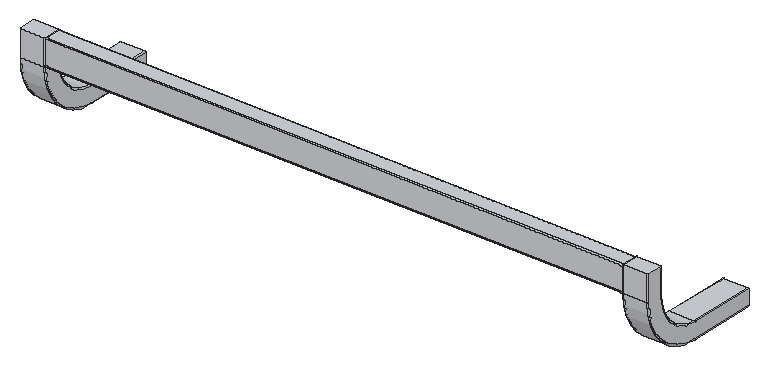
Revit family "Accessory-Towel_Bar-KOHLER-Loure-K-11580T_1", category Specialty Equipment, host Face, Revit 2021
Family settings
  Host = Face
  Round Connector Dimension = Use Diameter
  Part Type = Normal
  OmniClass Number = 23.31.25.25
  OmniClass Title = Towel Bars
  Cut with Voids When Loaded = No
  Shared = No
  Room Calculation Point = No
Parameters (values of type "CP-Polished Chrome")
  Width = 2.51969"  # constant formula
  WaterSense Certified = 1 = 0  # no
  URL = "http://www.kohler.com.cn/"
  Type = 4
  Product Page URL = "http://www.kohler.com.cn/product/K-11580T-CP/K-11580T-CP/"
  Product Name = "Loure"  # constant formula
  Product Documentation Link = "https://files.kohler.com.cn/pdfs/loure_acc_ins.pdf"
  Model = if(Type = 1, "K-11580T-2BL", if(Type = 2, "K-11580T-BL", if(Type = 3, "K-11580T-BV", if(Type = 4, "K-11580T-CP", "NA"))))  # "K-11580T-CP"
  Material = "Premium Metal Construction"  # constant formula
  Master Format 2014 Name = "Toilet, Bath, and Laundry Accessories"  # constant formula
  Master Format 2014 = "10 28 00"  # constant formula
  Manufacturer Address = "Kohler Beijing Office (100016) 36-2-03-B, No. 88, Liuxiang Road, Beijing"  # constant formula
  Manufacturer = "Kohler Co."  # constant formula
  Length = 18 3/4"  # constant formula
  Height = 3.74016"  # constant formula
  Finish = Kohler-Metal-CP-Polished_Chrome
  Environmental Product Declaration = ""
  Description = "18 Inch Tower Bar"  # constant formula
  Default Elevation = 42"
  Declare Label = ""
  Date Modified = "10/21/2022"  # constant formula
  Date Created = "06/10/2020"  # constant formula
  Copyright = "Copyright Kohler Co."  # constant formula
  Contact Us = "http://www.kohler.com.cn/contact/contact-us/"
  Assembly Code = "C1030200"
  ADA Compliant = 1 = 0  # no
Types (5): name | Type | Product Page URL | Model | Finish
  (no name) | 4 | "http://www.kohler.com.cn/product/K-11580T-CP/K-11580T-CP/" | "K-11580T-CP" | Kohler-Metal-CP-Polished_Chrome
  CP-Polished Chrome | 4 | "http://www.kohler.com.cn/product/K-11580T-CP/K-11580T-CP/" | "K-11580T-CP" | Kohler-Metal-CP-Polished_Chrome
  2BL-Black | 1 | "http://www.kohler.com.cn/product/K-11580T-CP/K-11580T-2BL/" | "K-11580T-2BL" | KOHLER-Metal-2BL-Black
  BL-Matte Black | 2 | "" | "K-11580T-BL" | Kohler-Metal-BL-Matte_Black
  BV-Brushed Bronze | 3 | "" | "K-11580T-BV" | Kohler-Metal-BV-Brushed_Bronze
Reference planes (in)
  plane 1 "Center (Front/Back)": y = 0
  plane 2: z = 0
  plane 3 "Center (Left/Right)": x = 0
  plane 4: y = 1.01472
  plane 5: y = -2.72544
  plane 6: x = -8.99606
  plane 7: x = -9.375
  plane 8: x = -8.625
  plane 9: x = 8.99612
  plane 10: x = 9.375
  plane 11: x = 8.625
  plane 12: z = 2.51969
  plane 13: y = -2.21312
  plane 14: z = 0.51232
  plane 15: z = 1.75
Dimensions and locks (in)
  "Length": plane 7 to plane 10
  "Height": plane 5 to plane 4
  locked: plane 6 to plane 9 at 17.99219
  "Width": plane 12 to level
  aligned and locked: plane 2 to host face
  aligned and locked: level to host face
Automatic sketch dimensions
  host sketch curve to host sketch curve = 96"  (x2)
Nested families (in)
  nested 1: "K-11580T" at (0, 0, 0) x (-1, 0, 0) z (0, 0, 1), type "K-11580T"
Definition of nested family "K-11580T"
  Parameters (values of type "K-11580T")
    Material = none
    Default Elevation = 0"
  Reference planes (in)
    plane 1 "Center (Front/Back)": y = 0
    plane 2: z = 0
    plane 3 "Center (Left/Right)": x = 0
    plane 4: x = -8.99606
    plane 5: x = 8.99606
    plane 6: z = 2.51969
    plane 7: y = 2.72544
    plane 8: y = -1.01472
    plane 9: x = -9.375
    plane 10: x = -8.625
    plane 11: x = 9.375
    plane 12: x = 8.625
    plane 13: y = 2.21312
    plane 14: z = 0.51232
    plane 15: z = 1.75
  Forms (in)
    Sweep 1, solid, material <- "Material", detail levels medium+fine
      path origin (2.97995, -0.02492, 0) x (0, 1, 0) y (0, 0, 1)
        loop
          line (-0.99964, 0.24357) -> (1.00679, 0.24357)
          arc (1.00679, 0.24357) -> (2.06745, 0.68291) -> (2.50679, 1.74357) r 1.5
          line (2.50679, 1.74357) -> (2.50679, 2.51969)
      profile origin (2.97995, -1.02456, 0.24357) x (0, 0, 1) y (1, 0, 0)
        loop
          arc (0.26874, -11.62839) -> (0.26188, -11.61182) -> (0.24531, -11.60495) r 0.02344
          line (0.24531, -11.60495) -> (-0.22014, -11.60495)
          arc (-0.22014, -11.60495) -> (-0.23671, -11.61182) -> (-0.24357, -11.62839) r 0.02344
          line (-0.24357, -11.62839) -> (-0.24357, -12.33151)
          arc (-0.24357, -12.33151) -> (-0.23671, -12.34809) -> (-0.22014, -12.35495) r 0.02344
          line (-0.22014, -12.35495) -> (0.24531, -12.35495)
          arc (0.24531, -12.35495) -> (0.26188, -12.34809) -> (0.26874, -12.33151) r 0.02344
          line (0.26874, -12.33151) -> (0.26874, -11.62839)
    Extrusion 2, solid, material <- "Material", detail levels medium+fine
      sketch origin (0, 0, 0) x (0, 1, 0) y (0, 0, 1)
        loop
          arc (2.69544, 1.75) -> (2.71665, 1.75879) -> (2.72544, 1.78) r 0.03
          line (2.72544, 1.78) -> (2.72544, 2.48969)
          arc (2.72544, 2.48969) -> (2.71665, 2.5109) -> (2.69544, 2.51969) r 0.03
          line (2.69544, 2.51969) -> (2.24312, 2.51969)
          arc (2.24312, 2.51969) -> (2.22191, 2.5109) -> (2.21312, 2.48969) r 0.03
          line (2.21312, 2.48969) -> (2.21312, 1.78)
          arc (2.21312, 1.78) -> (2.22191, 1.75879) -> (2.24312, 1.75) r 0.03
          line (2.24312, 1.75) -> (2.69544, 1.75)
      from -8.625 to 8.625
    Sweep 3, solid, material <- "Material", detail levels medium+fine
      path origin (-3, -0.02492, 0) x (0, 1, 0) y (0, 0, -1)
        loop
          line (-0.99964, -0.24357) -> (1.00679, -0.24357)
          arc (1.00679, -0.24357) -> (2.06745, -0.68291) -> (2.50679, -1.74357) r 1.5
          line (2.50679, -1.74357) -> (2.50679, -2.51969)
      profile origin (-3, -1.02456, 0.24357) x (0, 0, -1) y (-1, 0, 0)
        loop
          line (-0.26874, -11.64844) -> (-0.26874, -12.35156)
          arc (-0.26874, -12.35156) -> (-0.26188, -12.36814) -> (-0.24531, -12.375) r 0.02344
          line (-0.24531, -12.375) -> (0.22014, -12.375)
          arc (0.22014, -12.375) -> (0.23671, -12.36814) -> (0.24357, -12.35156) r 0.02344
          line (0.24357, -12.35156) -> (0.24357, -11.64844)
          arc (0.24357, -11.64844) -> (0.23671, -11.63186) -> (0.22014, -11.625) r 0.02344
          line (0.22014, -11.625) -> (-0.24531, -11.625)
          arc (-0.24531, -11.625) -> (-0.26188, -11.63186) -> (-0.26874, -11.64844) r 0.02344
    Extrusion 4, solid, material <- "Material", detail levels coarse
      sketch origin (0, 0, 0) x (0, 1, 0) y (0, 0, 1)
        loop
          line (-1.01472, 0.51232) -> (-1.01472, 0) -> (2.72544, 0) -> (2.72544, 2.51969) -> (2.21312, 2.51969) -> (2.21312, 0.51232) -> (-1.01472, 0.51232)
      from 8.625 to 9.375
    Extrusion 5, solid, material <- "Material", detail levels coarse
      sketch origin (0, 0, 0) x (0, 1, 0) y (0, 0, -1)
        loop
          line (-1.01472, -0.51232) -> (2.21312, -0.51232) -> (2.21312, -2.51969) -> (2.72544, -2.51969) -> (2.72544, 0) -> (-1.01472, 0) -> (-1.01472, -0.51232)
      from 8.625 to 9.375
    Extrusion 6, solid, material <- "Material", detail levels coarse
      sketch origin (0, 0, 0) x (0, 1, 0) y (0, 0, 1)
        loop
          line (2.21312, 2.51969) -> (2.21312, 1.75) -> (2.72544, 1.75) -> (2.72544, 2.51969) -> (2.21312, 2.51969)
      from -9.375 to 9.375
  Cuts and joins
    joined: Sweep 1, Sweep 3
    joined: Extrusion 4, Extrusion 5, Extrusion 6
  Lines and regions (in)
    Masking region 1
      outline origin (0, 0, 0) x (0, 1, 0) y (0, 0, 1)
        loop
          line (-1.01472, 0) -> (0.99817, 0)
          arc (0.99817, 0) -> (2.23397, 0.52886) -> (2.72544, 1.78) r 1.74214
          line (2.72544, 1.78) -> (2.72544, 2.51969) -> (2.21312, 2.51969) -> (2.21312, 1.74357)
          arc (2.21312, 1.74357) -> (1.8525, 0.87294) -> (0.98187, 0.51232) r 1.23126
          line (0.98187, 0.51232) -> (-1.01472, 0.51232) -> (-1.01472, 0)
    Masking region 2
      outline origin (0, 0, 0) x (1, 0, 0) y (0, 1, 0)
        loop
          line (-9.375, 2.70415) -> (-9.375, -1.01472) -> (-8.625, -1.01472) -> (-8.625, 2.21312) -> (8.625, 2.21312) -> (8.625, -1.01472) -> (9.375, -1.01472) -> (9.375, 2.70415)
          arc (9.375, 2.70415) -> (9.36876, 2.7192) -> (9.35371, 2.72544) r 0.02129
          line (9.35371, 2.72544) -> (-9.35371, 2.72544)
          arc (-9.35371, 2.72544) -> (-9.36876, 2.7192) -> (-9.375, 2.70415) r 0.02129
    Masking region 3
      outline origin (0, 0, 0) x (1, 0, 0) y (0, 0, 1)
        loop
          line (-9.375, 2.51969) -> (-9.375, 0.02459)
          arc (-9.375, 0.02459) -> (-9.3678, 0.0072) -> (-9.35041, 0) r 0.02459
          line (-9.35041, 0) -> (-8.64862, 0)
          arc (-8.64862, 0) -> (-8.63192, 0.00692) -> (-8.625, 0.02362) r 0.02362
          line (-8.625, 0.02362) -> (-8.625, 1.75) -> (8.625, 1.75) -> (8.625, 0.02362)
          arc (8.625, 0.02362) -> (8.63192, 0.00692) -> (8.64862, 0) r 0.02362
          line (8.64862, 0) -> (9.35138, 0)
          arc (9.35138, 0) -> (9.36808, 0.00692) -> (9.375, 0.02362) r 0.02362
          line (9.375, 0.02362) -> (9.375, 2.51969) -> (-9.375, 2.51969)
    symbolic lines, detail levels medium+fine
      curve 1: line (-9.35495, 2.21312, 0) -> (-8.625, 2.21312, 0)
      curve 2: arc (-8.625, 2.23283, 0) -> (-8.63089, 2.21877, 0) -> (-8.64505, 2.21312, 0) r 0.0197
      curve 3: arc (-9.35495, 2.21312, 0) -> (-9.36911, 2.21877, 0) -> (-9.375, 2.23283, 0) r 0.0197
      curve 4: line (-9.35495, -1.01472, 0) -> (-9.35495, 2.21312, 0)
      curve 5: line (-8.64505, 2.21312, 0) -> (-8.64505, -1.01472, 0)
      curve 6: line (-8.625, 2.72544, 0) -> (-8.625, 2.21312, 0)
      curve 7: arc (-8.64669, 2.72544, 0) -> (-8.63135, 2.71909, 0) -> (-8.625, 2.70375, 0) r 0.02169
      curve 8: line (9.35495, 2.21312, 0) -> (8.625, 2.21312, 0)
      curve 9: arc (8.625, 2.23283, 0) -> (8.63089, 2.21877, 0) -> (8.64505, 2.21312, 0) r 0.0197
      curve 10: arc (9.35495, 2.21312, 0) -> (9.36911, 2.21877, 0) -> (9.375, 2.23283, 0) r 0.0197
      curve 11: line (9.35495, -1.01472, 0) -> (9.35495, 2.21312, 0)
      curve 12: line (8.64505, 2.21312, 0) -> (8.64505, -1.01472, 0)
      curve 13: line (8.625, 2.72544, 0) -> (8.625, 2.21312, 0)
      curve 14: arc (8.64669, 2.72544, 0) -> (8.63135, 2.71909, 0) -> (8.625, 2.70375, 0) r 0.02169
      curve 15: line (-9.35156, 0, 0.51232) -> (-9.35156, 0, 2.51969)
      curve 16: line (-8.64844, 0, 0.51232) -> (-8.64844, 0, 2.51969)
      curve 17: line (-8.64844, 0, 0.51232) -> (-9.35156, 0, 0.51232)
      curve 18: arc (-9.35156, 0, 0.51232) -> (-9.36814, 0, 0.50545) -> (-9.375, 0, 0.48888) r 0.02344
      curve 19: arc (-8.64844, 0, 0.51232) -> (-8.63186, 0, 0.50545) -> (-8.625, 0, 0.48888) r 0.02344
      curve 20: line (-8.625, 0, 1.75) -> (-8.625, 0, 2.51969)
      curve 21: line (9.35156, 0, 0.51232) -> (9.35156, 0, 2.51969)
      curve 22: line (8.64844, 0, 0.51232) -> (8.64844, 0, 2.51969)
      curve 23: line (8.64844, 0, 0.51232) -> (9.35156, 0, 0.51232)
      curve 24: arc (9.35156, 0, 0.51232) -> (9.36814, 0, 0.50545) -> (9.375, 0, 0.48888) r 0.02344
      curve 25: arc (8.64844, 0, 0.51232) -> (8.63186, 0, 0.50545) -> (8.625, 0, 0.48888) r 0.02344
      curve 26: line (8.625, 0, 1.75) -> (8.625, 0, 2.51969)
  Dimensions and locks (in)
    locked: plane 4 to plane 5 at 17.99213
    locked: plane 6 to plane 2 at 2.51969
    locked: plane 7 to plane 8 at 3.74016
    aligned and locked: plane 2 to level
